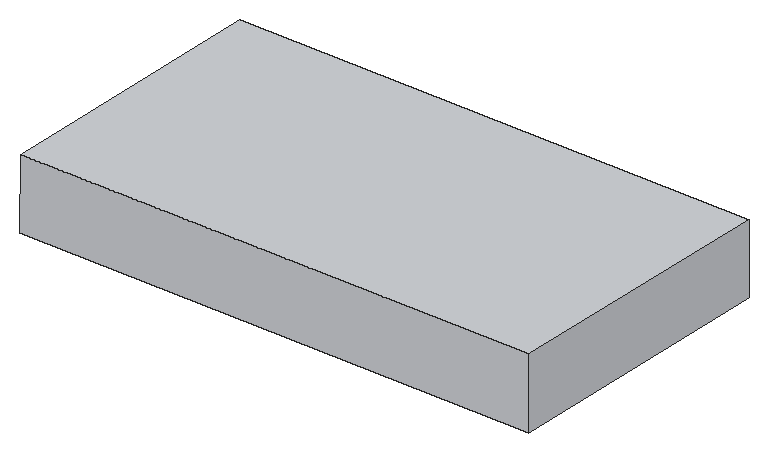
Revit family "1927_ TUPEX ELECTRIC_MEGAL", category Lighting Fixtures, host Face, Revit 2016
Family settings
  Host = Face
  Part Type = Normal
  Round Connector Dimension = Use Diameter
  Cut with Voids When Loaded = No
  Light Source = Yes
  Shared = No
  Room Calculation Point = Yes
Parameters
  Wattage = 70 W
  built-in parameter 1150110 = 1 (stored number, unit not read)
  built-in parameter 1114217 = 1 (stored number, unit not read)
  Tilt Angle = 90.00°
  built-in parameter 1150109 = 1 (stored number, unit not read)
  built-in parameter 1150134 = 3
  built-in parameter 1150113 = 1 (stored number, unit not read)
  Photometric Web File = "1927.IES"
  built-in parameter 1150105 = 829.99 (stored number, unit not read)
  Lumens = 10430 lm
  built-in parameter 1150115 = 1 (stored number, unit not read)
  built-in parameter 1150137 = (empty or 0)
  built-in parameter 1150139 = (empty or 0)
  built-in parameter 1150112 = 1 (stored number, unit not read)
  built-in parameter 1150114 = 1 (stored number, unit not read)
  built-in parameter 1150132 = (empty or 0)
  built-in parameter 1150102 = (empty or 0)
  built-in parameter 1150107 = 3200 (stored number, unit not read)
  built-in parameter 1150138 = (empty or 0)
  built-in parameter 1150106 = 8.2999 (stored number, unit not read)
  built-in parameter 1150104 = 13.843 (stored number, unit not read)
  Dimming Lamp Color Temperature Shift = (empty or 0)
  Default Elevation = 1219.2 mm
  Color Filter = 16777215
  built-in parameter 1114218 = 1 (stored number, unit not read)
  built-in parameter 1150133 = 10 (stored number, unit not read)
Reference planes
  plane 1 "Center (Front/Back)": y = 0
  plane 2: z = 0
  plane 3 "Center (Left/Right)": x = 0
Forms (mm)
  Extrusion 1, solid
    sketch origin (0, 0, 0) x (1, 0, 0) y (0, 1, 0)
      loop
        line (650, 0) -> (0, 0) -> (0, -350) -> (650, -350) -> (650, 0)
    from -90 to 0
Lines and regions (mm)
  reference lines
    curve 1: line (650, 1524, 0) -> (650, -1524, 0)
    curve 2: line (1524, -190, 0) -> (-1524, -190, 0)
    curve 3: line (1524, 0, -90) -> (-1524, 0, -90)
    curve 4: line (1524, -350, 0) -> (-1524, -350, 0)
Dimensions and locks
  aligned and locked: plane 2 to host face
  aligned and locked: level to host face
Connectors
  electrical at (325, -175, 0)
    settings: on Extrusion 1, index 1, voltage 220 V, apparent load 0 VA, apparent load phase1 70 VA, apparent load phase2 0 VA, apparent load phase3 0 VA, power factor 1, load classification "Other", number of poles 1, system type 31, power factor state 1, is connector primary yes, connector utility no, sub classification motor no, connector description ""
